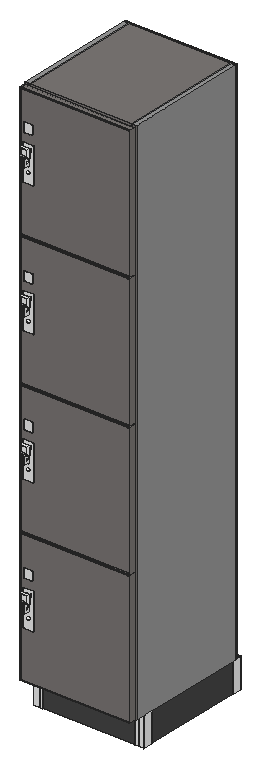
Revit family "Wood_Lockers_Hasps-Salsbury_Industries-15_44000_Series-1_Wide_Units.rfa", category Specialty Equipment, Revit 2016
Family settings
  Part Type = Normal
  Round Connector Dimension = Use Diameter
  OmniClass Number = 23.40.00.00
  OmniClass Title = Equipment and Furnishings
  Work Plane-Based = No
  Always vertical = Yes
  Cut with Voids When Loaded = No
  Shared = No
  Room Calculation Point = No
Parameters (values of type "15-44168")
  Width = 15.000"
  Version = "1.0 (01/31/24)"
  Unit Height including Sloping Hood Only [instance] = 78.868"
  Unit Height including Base Only [instance] = 76.000"
  URL = "www.lockers.com"
  Type Comments = "Premier Wood Lockers - Four Tier - with Hasps"
  Total Doors Height [instance] = if(Unit Height = 72.000", 71.750", if(Unit Height = 60.000", 59.750", 0.000"))  # 71.750"
  Sloping Top Corner Filler - Right Side [instance] = Wood Locker Sloping Corner Fillers : None
  Sloping Top Corner Filler - Left Side [instance] = Wood Locker Sloping Corner Fillers : None
  Sloping In-Line Filler - Right Side [instance] = Wood Locker Sloping In-Line Fillers : None
  Sloping In-Line Filler - Left Side [instance] = Wood Locker Sloping In-Line Fillers : None
  Sloping Hood Height = if(Depth = 15.000", 5.743", if(Depth = 18.000", 6.868", if(Depth = 21.000", 7.993", if(Depth = 24.000", 9.118", 0.000"))))  # 6.868"
  Sloping Hood [instance] = Wood Locker Sloping Hoods : None
  Side Panel without Slope - Right Side [instance] = Wood Locker Side Panels-No Slope : None
  Side Panel without Slope - Left Side [instance] = Wood Locker Side Panels-No Slope : None
  Side Panel with Slope - Right Side [instance] = Wood Locker Side Panels-With Slope : None
  Side Panel with Slope - Left Side [instance] = Wood Locker Side Panels-With Slope : None
  Secondary Structure Materials = Particle Board Industrial Grade - Salsbury Finish - Black Melamine Overlay
  Primary Structure Materials = Particle Board Industrial Grade - Salsbury Finish - Plain
  Overall Unit Height including Base and Sloping Hood [instance] = 82.868"
  OmniClass 23 Title = "Equipment and Furnishings"
  OmniClass 23 Number = "23.40.00.00"
  Model = "15-44168"
  MasterFormat Title = "Lockers"
  MasterFormat Code = "10 51 23"
  Manufacturer = "Salsbury Industries"
  Laminate Surface [instance] = Industrial Grade Particleboard with Wood Laminate - Salsbury Finish - Skyline Walnut
  Interior Material = Textured Melamine - Salsbury Finish - White
  Individual Door Width [instance] = 14.875"
  Unit Height = 72.000"
  Individual Door Height = if(Unit Height = 72.000", 17.796", if(Unit Height = 60.000", 14.796", 0.000"))  # 17.796"
  Hardware = Aluminum - Salsbury Finish - Black Satin
  Front Vertical Filler - Right Side [instance] = Wood Locker Front Fillers : None
  Front Vertical Filler - Left Side [instance] = Wood Locker Front Fillers : None
  Front Corner Filler - Right Side [instance] = Wood Locker Front Corner Filler : None
  Front Corner Filler - Left Side [instance] = Wood Locker Front Corner Filler : None
  Flat Top In-Line Filler - Right Side [instance] = Wood Locker Flat In-Line Fillers : None
  Flat Top In-Line Filler - Left Side [instance] = Wood Locker Flat In-Line Fillers : None
  Flat Top Corner Filler - Right Side [instance] = Wood Locker Flat Corner Fillers : None
  Flat Top Corner Filler - Left Side [instance] = Wood Locker Flat Corner Fillers : None
  Fascia Filler [instance] = Wood Locker Fascia Fillers : None
  Double Side Panel without Slope - Right Side [instance] = Wood Locker Double Side Panels-No Slope : None
  Double Side Panel without Slope - Left Side [instance] = Wood Locker Double Side Panels-No Slope : None
  Double Side Panel with Slope - Right Side [instance] = Wood Locker Double Side Panels-With Slope : None
  Double Side Panel with Slope - Left Side [instance] = Wood Locker Double Side Panels-With Slope : None
  Door Location D1 = Premier Locker Doors_Hasp : Four Tier Door for Six Foot High Locker
  Description = "1 Wide - 6 Feet High - 18 inches Deep - with Base"
  Depth = 18.000"
  Compartment Width [instance] = 13.750"
  Compartment Height [instance] = if(Unit Height = 72.000", 17.063", if(Unit Height = 60.000", 14.063", 0.000"))  # 17.063"
  Compartment Depth [instance] = 16.750"
  Base Material = Particle Board Industrial Grade - Salsbury Finish - Black Melamine Overlay
  Base Height = 4.000"
  Base Depth [instance] = 16.250"
  Base = Wood Locker Bases : Base - 15" W x 18" D Lockers
  Assembly Code = "C1030310"
Reference planes (in)
  plane 1 "Center (Front/Back)": y = 0
  plane 2: z = 0
  plane 3 "Center (Left/Right)": x = 0
  plane 4 "Right Side of Unit": x = 7.5
  plane 5 "Left Side of Unit": x = -7.5
  plane 6 "Back of Unit": y = 9
  plane 7 "Front of Unit": y = -9
  plane 8 "Bottom of Base": z = 0
  plane 9 "Top Edge of Unit": z = 76
  plane 10 "Top of Base Edge": z = 4
  plane 11: z = 82.868
  plane 12 "Right Compartment Edge": x = 6.906
  plane 13 "Left Compartment Edge": x = -6.906
  plane 14 "Front Melamine Edge": y = -8
  plane 15 "Back Compartment Edge": y = 8.781
  plane 16 "Front Compartment Edge": y = -7.969
  plane 17 "Front Edge of Base": y = -6.625
  plane 18 "Bottom Edge of Door": z = 4.125
  plane 19 "Top Edge of Door": z = 75.875
  plane 20 "Bottom Compartment Edge": z = 4.75
  plane 21 "Top Compartment Edge": z = 75.25
  plane 22 "Center Top and Bottom": z = 40
  plane 23 "Left Melamine Edge": x = -6.875
  plane 24 "Right Melamine Edge": x = 6.875
  plane 25 "Back Melamine Edge": y = 8.75
  plane 26 "Left Edge of Door": x = -7.375
  plane 27: y = 9.625
  plane 28: y = -7.25
  plane 29 "Base / Ventillation Alignment": y = 9.625
  plane 30 "Compartment Shelf 3": z = 22.563
  plane 31: z = 21.813
  plane 32: z = 21.921
  plane 33: z = 22.109
  plane 34: z = 39.626
  plane 35 "Compartment Shelf 2": z = 40.376
  plane 36: z = 39.905
  plane 37: z = 40.093
  plane 38: z = 57.439
  plane 39 "Compartment Shelf 1": z = 58.189
  plane 40: z = 57.889
  plane 41: z = 58.077
Forms (in)
  Extrusion 1, solid, material "Particle Board Industrial Grade - Salsbury Finish - Plain" <- "Primary Structure Materials"
    sketch origin (7.5, 0, 0) x (0, -1, 0) y (0, 0, 1)
      loop
        line (7.969, 76) -> (-8.75, 76) -> (-8.75, 4) -> (7.969, 4) -> (7.969, 76)
    from 0 to 0.594
  Extrusion 2, solid, material "Particle Board Industrial Grade - Salsbury Finish - Plain" <- "Primary Structure Materials"
    sketch origin (-7.5, 0, 0) x (0, -1, 0) y (0, 0, 1)
      loop
        line (-8.75, 76) -> (-8.75, 4) -> (7.969, 4) -> (7.969, 76) -> (-8.75, 76)
    from 0 to -0.594
  Extrusion 3, solid, material "Textured Melamine - Salsbury Finish - White" <- "Interior Material"
    sketch origin (0, 0, 4) x (0, -1, 0) y (1, 0, 0)
      loop
        line (-8.75, -6.875) -> (7.969, -6.875) -> (7.969, 6.875) -> (-8.75, 6.875) -> (-8.75, -6.875)
    from 0 to 0.75
  Extrusion 4, solid, material "Industrial Grade Particleboard with Wood Laminate - Salsbury Finish - Skyline Walnut" <- "Laminate Surface"
    sketch origin (0.375, 0.375, 76) x (1, 0, 0) y (0, 1, 0)
      loop
        line (-7.25, -8.375) -> (6.5, -8.375) -> (6.5, 8.375) -> (-7.25, 8.375) -> (-7.25, -8.375)
    from 0 to -0.75
  Extrusion 5, solid, material "Particle Board Industrial Grade - Salsbury Finish - Plain" <- "Primary Structure Materials"
    sketch origin (0, 9, 0) x (1, 0, 0) y (0, 0, 1)
      loop
        line (-7.5, 76) -> (-7.5, 4) -> (7.5, 4) -> (7.5, 76) -> (-7.5, 76)
    from 0 to 0.219
  Extrusion 6, solid, material "Industrial Grade Particleboard with Wood Laminate - Salsbury Finish - Skyline Walnut" <- "Laminate Surface"
    sketch origin (0, -7.969, 0) x (1, 0, 0) y (0, 0, 1)
      loop
        line (-7.5, 76) -> (-7.5, 4) -> (-6.875, 4) -> (-6.875, 76) -> (-7.5, 76)
    from 0 to 0.031
  Extrusion 7, solid, material "Industrial Grade Particleboard with Wood Laminate - Salsbury Finish - Skyline Walnut" <- "Laminate Surface"
    sketch origin (0, -7.969, 0) x (-1, 0, 0) y (0, 0, -1)
      loop
        line (-7.5, -76) -> (-6.875, -76) -> (-6.875, -4) -> (-7.5, -4) -> (-7.5, -76)
    from 0 to 0.031
  Extrusion 8, solid, material "Textured Melamine - Salsbury Finish - White" <- "Interior Material"
    sketch origin (0, 8.75, 0) x (1, 0, 0) y (0, 0, 1)
      loop
        line (-7.5, 76) -> (-7.5, 4) -> (7.5, 4) -> (7.5, 76) -> (-7.5, 76)
    from -0.031 to 0
  Extrusion 9, solid, material "Textured Melamine - Salsbury Finish - White" <- "Interior Material"
    sketch origin (-6.906, 0, 0) x (0, -1, 0) y (0, 0, 1)
      loop
        line (-8.75, 76) -> (-8.75, 4) -> (7.969, 4) -> (7.969, 76) -> (-8.75, 76)
    from 0 to -0.031
  Extrusion 10, solid, material "Textured Melamine - Salsbury Finish - White" <- "Interior Material"
    sketch origin (6.906, 0, 0) x (0, -1, 0) y (0, 0, 1)
      loop
        line (7.969, 76) -> (-8.75, 76) -> (-8.75, 4) -> (7.969, 4) -> (7.969, 76)
    from 0 to 0.031
  Extrusion 11, solid, material "Textured Melamine - Salsbury Finish - White" <- "Interior Material", detail levels fine
    sketch origin (0, 0, 22.563) x (0, -1, 0) y (1, 0, 0)
      loop
        line (-8.75, -6.875) -> (7.969, -6.875) -> (7.969, 6.875) -> (-8.75, 6.875) -> (-8.75, -6.875)
    from 0 to -0.75
  Extrusion 12, solid, material "Textured Melamine - Salsbury Finish - White" <- "Interior Material", detail levels fine
    sketch origin (0, 0, 40.376) x (0, -1, 0) y (1, 0, 0)
      loop
        line (-8.75, -6.875) -> (7.969, -6.875) -> (7.969, 6.875) -> (-8.75, 6.875) -> (-8.75, -6.875)
    from 0 to -0.75
  Extrusion 13, solid, material "Textured Melamine - Salsbury Finish - White" <- "Interior Material", detail levels fine
    sketch origin (0, 0, 58.189) x (0, -1, 0) y (1, 0, 0)
      loop
        line (-8.75, -6.875) -> (7.969, -6.875) -> (7.969, 6.875) -> (-8.75, 6.875) -> (-8.75, -6.875)
    from 0 to -0.75
  Extrusion 14, solid, material "Industrial Grade Particleboard with Wood Laminate - Salsbury Finish - Skyline Walnut" <- "Laminate Surface"
    sketch origin (0, -8, 0) x (1, 0, 0) y (0, 0, 1)
      loop
        line (-6.875, 58.189) -> (-6.875, 57.439) -> (6.875, 57.439) -> (6.875, 58.189) -> (-6.875, 58.189)
    from 0 to -0.031
  Extrusion 15, solid, material "Industrial Grade Particleboard with Wood Laminate - Salsbury Finish - Skyline Walnut" <- "Laminate Surface"
    sketch origin (0, -8, 0) x (1, 0, 0) y (0, 0, 1)
      loop
        line (-6.875, 40.376) -> (-6.875, 39.626) -> (6.875, 39.626) -> (6.875, 40.376) -> (-6.875, 40.376)
    from 0 to -0.031
  Extrusion 16, solid, material "Industrial Grade Particleboard with Wood Laminate - Salsbury Finish - Skyline Walnut" <- "Laminate Surface"
    sketch origin (0, -8, 0) x (1, 0, 0) y (0, 0, 1)
      loop
        line (-6.875, 22.563) -> (-6.875, 21.813) -> (6.875, 21.813) -> (6.875, 22.563) -> (-6.875, 22.563)
    from 0 to -0.031
  Extrusion 17, solid, material "Industrial Grade Particleboard with Wood Laminate - Salsbury Finish - Skyline Walnut" <- "Laminate Surface"
    sketch origin (0, -8, 0) x (1, 0, 0) y (0, 0, 1)
      loop
        line (-6.875, 4.75) -> (-6.875, 4) -> (6.875, 4) -> (6.875, 4.75) -> (-6.875, 4.75)
    from 0 to -0.031
Lines and regions (in)
  symbolic lines
    curve 1: line (-7.5, 8.75, 76) -> (7.50006, 8.75, 76)
    curve 2: line (-7.5, 8.75, 0) -> (-7.5, 8.75, 76)
    curve 3: line (7.50006, 8.75, 76) -> (7.50006, 8.75, 0)
    curve 4: line (6.906, -8, 76) -> (6.906, 9.625, 76)
    curve 5: line (6.906, -8, 0) -> (6.906, -8, 76)
    curve 6: line (6.906, 9.625, 76) -> (6.906, 9.625, 0)
    curve 7: line (7.50006, 8.75, 0) -> (-7.5, 8.75, 0)
    curve 8: line (6.906, -6.625, 0) -> (6.906, 9.625, 0)
    curve 9: line (6.906, 9.625, 0) -> (6.906, -6.625, 0)
    curve 10: line (6.906, -8, 0) -> (6.906, 9.625, 0)
    curve 11: line (-7.5, 9.625, 0) -> (7.5, 9.625, 0)
    curve 12: line (-7.5, -8, 0) -> (-7.5, 9.625, 0)
    curve 13: line (7.5, -8, 0) -> (-7.5, -8, 0)
    curve 14: line (7.5, 9.625, 0) -> (7.5, -8, 0)
Dimensions and locks (in)
  equal spacing: plane 5 "Left Side of Unit", plane 3 "Center (Left/Right)", plane 4 "Right Side of Unit"
  "Width": plane 5 "Left Side of Unit" to plane 4 "Right Side of Unit"
  equal spacing: plane 7 "Front of Unit", plane 1 "Center (Front/Back)", plane 6 "Back of Unit"
  "Depth": plane 7 "Front of Unit" to plane 6 "Back of Unit"
  "Base Height": plane 10 "Top of Base Edge" to plane 8 "Bottom of Base"
  "Unit Height": plane 9 "Top Edge of Unit" to plane 10 "Top of Base Edge"
  "Sloping Hood Height": plane 11 to plane 9 "Top Edge of Unit"
  locked: plane 12 "Right Compartment Edge" to plane 4 "Right Side of Unit" at 0.594
  locked: plane 5 "Left Side of Unit" to plane 13 "Left Compartment Edge" at 0.594
  locked: plane 7 "Front of Unit" to plane 14 "Front Melamine Edge" at 1
  locked: plane 15 "Back Compartment Edge" to plane 6 "Back of Unit" at 0.219
  locked: plane 14 "Front Melamine Edge" to plane 16 "Front Compartment Edge" at 0.031
  plane 18 "Bottom Edge of Door" to plane 10 "Top of Base Edge" = 0.125"
  plane 9 "Top Edge of Unit" to plane 19 "Top Edge of Door" = 0.125"
  plane 20 "Bottom Compartment Edge" to plane 10 "Top of Base Edge" = 0.750"
  plane 9 "Top Edge of Unit" to plane 21 "Top Compartment Edge" = 0.750"
  equal spacing: plane 9 "Top Edge of Unit", plane 22 "Center Top and Bottom", plane 10 "Top of Base Edge"
  locked: plane 24 "Right Melamine Edge" to plane 12 "Right Compartment Edge" at 0.031
  locked: plane 13 "Left Compartment Edge" to plane 23 "Left Melamine Edge" at 0.031
  locked: plane 25 "Back Melamine Edge" to plane 15 "Back Compartment Edge" at 0.031
  locked: plane 5 "Left Side of Unit" to plane 26 "Left Edge of Door" at 0.125
  "Individual Door Width": plane 26 "Left Edge of Door" to plane 4 "Right Side of Unit"
  "Total Doors Height": plane 19 "Top Edge of Door" to plane 18 "Bottom Edge of Door"
  "Unit Height including Base Only": plane 9 "Top Edge of Unit" to plane 8 "Bottom of Base"
  "Unit Height including Sloping Hood Only": plane 11 to plane 10 "Top of Base Edge"
  "Overall Unit Height including Base and Sloping Hood": plane 11 to plane 8 "Bottom of Base"
  locked: plane 7 "Front of Unit" to plane 17 "Front Edge of Base" at 2.375
  locked: plane 6 "Back of Unit" to plane 27 at 0.625
  "Base Depth": plane 17 "Front Edge of Base" to plane 27
  "Compartment Width": plane 23 "Left Melamine Edge" to plane 24 "Right Melamine Edge"
  "Compartment Height": plane 31 to plane 20 "Bottom Compartment Edge"
  "Compartment Depth": plane 14 "Front Melamine Edge" to plane 25 "Back Melamine Edge"
  locked: plane 14 "Front Melamine Edge" to plane 28 at 0.75
  plane 14 "Front Melamine Edge" to plane 27 = 17.625"
  Extrusion 2 to Extrusion 9 = 16.719"
  plane 6 "Back of Unit" to plane 29 "Base / Ventillation Alignment" = 0.625"
  locked: plane 30 "Compartment Shelf 3" to plane 31 at 0.75
  locked: plane 33 to plane 32 at 0.188
  "Individual Door Height": plane 32 to plane 18 "Bottom Edge of Door"
  locked: plane 35 "Compartment Shelf 2" to plane 34 at 0.75
  locked: plane 37 to plane 36 at 0.188
  "Compartment Height": plane 34 to plane 30 "Compartment Shelf 3"
  "Individual Door Height": plane 36 to plane 33
  locked: plane 39 "Compartment Shelf 1" to plane 38 at 0.75
  locked: plane 41 to plane 40 at 0.188
  "Compartment Height": plane 38 to plane 35 "Compartment Shelf 2"
  "Individual Door Height": plane 40 to plane 37
  aligned and locked: level to plane 2
  aligned and locked: plane 15 "Back Compartment Edge" to Extrusion 5
  aligned and locked: plane 4 "Right Side of Unit" to nested 1
  aligned and locked: plane 18 "Bottom Edge of Door" to nested 1
  aligned and locked: plane 7 "Front of Unit" to nested 1
  aligned and locked: plane 9 "Top Edge of Unit" to nested 2
  aligned and locked: plane 14 "Front Melamine Edge" to nested 2
  aligned and locked: plane 5 "Left Side of Unit" to nested 3
  aligned and locked: plane 14 "Front Melamine Edge" to nested 3
  aligned and locked: plane 9 "Top Edge of Unit" to nested 3
  aligned and locked: plane 4 "Right Side of Unit" to nested 4
  aligned and locked: nested 4 to plane 9 "Top Edge of Unit"
  aligned and locked: nested 4 to plane 14 "Front Melamine Edge"
  aligned and locked: plane 9 "Top Edge of Unit" to nested 5
  aligned and locked: plane 28 to nested 5
  aligned and locked: nested 6 to plane 28
  aligned and locked: plane 5 "Left Side of Unit" to nested 6
  aligned and locked: plane 4 "Right Side of Unit" to nested 5
  aligned and locked: nested 6 to plane 9 "Top Edge of Unit"
  aligned and locked: nested 8 to plane 5 "Left Side of Unit"
  aligned and locked: nested 7 to plane 4 "Right Side of Unit"
  aligned and locked: plane 14 "Front Melamine Edge" to nested 7
  aligned and locked: nested 8 to plane 14 "Front Melamine Edge"
  aligned and locked: plane 10 "Top of Base Edge" to nested 7
  aligned and locked: nested 8 to plane 10 "Top of Base Edge"
  aligned and locked: plane 5 "Left Side of Unit" to nested 9
  aligned and locked: plane 4 "Right Side of Unit" to nested 10
  aligned and locked: nested 10 to plane 10 "Top of Base Edge"
  aligned and locked: plane 10 "Top of Base Edge" to nested 9
  aligned and locked: plane 16 "Front Compartment Edge" to nested 10
  aligned and locked: nested 9 to plane 14 "Front Melamine Edge"
  aligned and locked: plane 4 "Right Side of Unit" to nested 11
  aligned and locked: nested 11 to plane 10 "Top of Base Edge"
  aligned and locked: plane 14 "Front Melamine Edge" to nested 11
  aligned and locked: plane 14 "Front Melamine Edge" to nested 12
  aligned and locked: nested 12 to nested 4
  aligned and locked: plane 10 "Top of Base Edge" to nested 12
  aligned and locked: nested 13 to plane 5 "Left Side of Unit"
  aligned and locked: nested 13 to plane 14 "Front Melamine Edge"
  aligned and locked: nested 13 to plane 10 "Top of Base Edge"
  aligned and locked: plane 14 "Front Melamine Edge" to nested 14
  aligned and locked: nested 14 to plane 4 "Right Side of Unit"
  aligned and locked: nested 15 to plane 14 "Front Melamine Edge"
  aligned and locked: nested 15 to plane 5 "Left Side of Unit"
  aligned and locked: plane 10 "Top of Base Edge" to nested 14
  aligned and locked: nested 15 to plane 10 "Top of Base Edge"
  aligned and locked: plane 14 "Front Melamine Edge" to nested 16
  aligned and locked: plane 4 "Right Side of Unit" to nested 16
  aligned and locked: nested 17 to plane 14 "Front Melamine Edge"
  aligned and locked: plane 5 "Left Side of Unit" to nested 17
  aligned and locked: nested 16 to plane 8 "Bottom of Base"
  aligned and locked: nested 17 to plane 8 "Bottom of Base"
  aligned and locked: nested 18 to plane 5 "Left Side of Unit"
  aligned and locked: nested 19 to plane 4 "Right Side of Unit"
  aligned and locked: nested 19 to plane 14 "Front Melamine Edge"
  aligned and locked: plane 14 "Front Melamine Edge" to nested 18
  aligned and locked: plane 8 "Bottom of Base" to nested 19
  aligned and locked: nested 18 to plane 8 "Bottom of Base"
  aligned and locked: plane 17 "Front Edge of Base" to nested 20
  aligned and locked: plane 9 "Top Edge of Unit" to nested 21
  aligned and locked: plane 5 "Left Side of Unit" to nested 21
  aligned and locked: nested 22 to plane 9 "Top Edge of Unit"
  aligned and locked: plane 4 "Right Side of Unit" to nested 22
  aligned and locked: nested 22 to plane 14 "Front Melamine Edge"
  aligned and locked: nested 21 to plane 14 "Front Melamine Edge"
  aligned and locked: nested 24 to plane 9 "Top Edge of Unit"
  aligned and locked: plane 4 "Right Side of Unit" to nested 24
  aligned and locked: nested 23 to plane 9 "Top Edge of Unit"
  aligned and locked: plane 5 "Left Side of Unit" to nested 23
  aligned and locked: nested 24 to plane 28
  aligned and locked: nested 23 to plane 28
  aligned and locked: plane 14 "Front Melamine Edge" to nested 25
  aligned and locked: plane 9 "Top Edge of Unit" to nested 25
  aligned and locked: plane 8 "Bottom of Base" to nested 20
  aligned and locked: plane 3 "Center (Left/Right)" to nested 20
  aligned and locked: plane 25 "Back Melamine Edge" to Extrusion 3 sketch curve
  aligned and locked: Extrusion 3 sketch curve to plane 23 "Left Melamine Edge"
  aligned and locked: plane 24 "Right Melamine Edge" to Extrusion 3 sketch curve
  aligned and locked: Extrusion 4 to plane 9 "Top Edge of Unit"
  aligned and locked: plane 21 "Top Compartment Edge" to Extrusion 4
  aligned and locked: Extrusion 2 sketch curve to plane 9 "Top Edge of Unit"
  aligned and locked: plane 16 "Front Compartment Edge" to Extrusion 2 sketch curve
  aligned and locked: Extrusion 2 sketch curve to plane 25 "Back Melamine Edge"
  aligned and locked: plane 10 "Top of Base Edge" to Extrusion 2 sketch curve
  aligned and locked: Extrusion 2 to plane 13 "Left Compartment Edge"
  aligned and locked: plane 5 "Left Side of Unit" to Extrusion 2
  aligned and locked: plane 10 "Top of Base Edge" to Extrusion 9 sketch curve
  aligned and locked: Extrusion 9 sketch curve to plane 25 "Back Melamine Edge"
  aligned and locked: Extrusion 9 sketch curve to plane 9 "Top Edge of Unit"
  aligned and locked: Extrusion 1 sketch curve to plane 16 "Front Compartment Edge"
  aligned and locked: plane 9 "Top Edge of Unit" to Extrusion 1 sketch curve
  aligned and locked: Extrusion 1 sketch curve to plane 10 "Top of Base Edge"
  aligned and locked: plane 25 "Back Melamine Edge" to Extrusion 1 sketch curve
  aligned and locked: Extrusion 1 to plane 4 "Right Side of Unit"
  aligned and locked: plane 12 "Right Compartment Edge" to Extrusion 1
  aligned and locked: Extrusion 10 sketch curve to plane 10 "Top of Base Edge"
  aligned and locked: plane 25 "Back Melamine Edge" to Extrusion 10 sketch curve
  aligned and locked: Extrusion 10 sketch curve to plane 16 "Front Compartment Edge"
  aligned and locked: plane 9 "Top Edge of Unit" to Extrusion 10 sketch curve
  aligned and locked: Extrusion 10 to plane 12 "Right Compartment Edge"
  aligned and locked: plane 24 "Right Melamine Edge" to Extrusion 10
  aligned and locked: Extrusion 8 sketch curve to plane 10 "Top of Base Edge"
  aligned and locked: plane 4 "Right Side of Unit" to Extrusion 8 sketch curve
  aligned and locked: plane 9 "Top Edge of Unit" to Extrusion 8 sketch curve
  aligned and locked: Extrusion 8 sketch curve to plane 5 "Left Side of Unit"
  aligned and locked: Extrusion 8 to plane 15 "Back Compartment Edge"
  aligned and locked: plane 25 "Back Melamine Edge" to Extrusion 8
  aligned and locked: plane 9 "Top Edge of Unit" to Extrusion 5 sketch curve
  aligned and locked: Extrusion 5 sketch curve to plane 5 "Left Side of Unit"
  aligned and locked: Extrusion 5 sketch curve to plane 10 "Top of Base Edge"
  aligned and locked: plane 4 "Right Side of Unit" to Extrusion 5 sketch curve
  aligned and locked: Extrusion 7 sketch curve to plane 9 "Top Edge of Unit"
  aligned and locked: Extrusion 7 sketch curve to plane 4 "Right Side of Unit"
  aligned and locked: plane 24 "Right Melamine Edge" to Extrusion 7 sketch curve
  aligned and locked: plane 10 "Top of Base Edge" to Extrusion 7 sketch curve
  aligned and locked: Extrusion 7 to plane 16 "Front Compartment Edge"
  aligned and locked: plane 14 "Front Melamine Edge" to Extrusion 7
  aligned and locked: Extrusion 6 sketch curve to plane 10 "Top of Base Edge"
  aligned and locked: plane 23 "Left Melamine Edge" to Extrusion 6 sketch curve
  aligned and locked: Extrusion 6 sketch curve to plane 5 "Left Side of Unit"
  aligned and locked: plane 9 "Top Edge of Unit" to Extrusion 6 sketch curve
  aligned and locked: Extrusion 6 to plane 16 "Front Compartment Edge"
  aligned and locked: plane 14 "Front Melamine Edge" to Extrusion 6
  aligned and locked: plane 16 "Front Compartment Edge" to Extrusion 9
  aligned and locked: plane 13 "Left Compartment Edge" to Extrusion 9
  aligned and locked: nested 3 to curve 1
  aligned and locked: curve 2 to nested 17
  aligned and locked: curve 4 to nested 2
  aligned and locked: nested 16 to curve 5
  aligned and locked: curve 9 to nested 20
  aligned and locked: curve 10 to nested 16
  aligned and locked: curve 13 to plane 14 "Front Melamine Edge"
  aligned and locked: curve 12 to plane 5 "Left Side of Unit"
  aligned and locked: plane 29 "Base / Ventillation Alignment" to curve 11
  aligned and locked: plane 3 "Center (Left/Right)" to nested 2
  aligned and locked: plane 3 "Center (Left/Right)" to nested 25
  aligned and locked: plane 29 "Base / Ventillation Alignment" to curve 6
  aligned and locked: plane 25 "Back Melamine Edge" to Extrusion 11 sketch curve
  aligned and locked: Extrusion 11 sketch curve to plane 23 "Left Melamine Edge"
  aligned and locked: plane 24 "Right Melamine Edge" to Extrusion 11 sketch curve
  aligned and locked: plane 25 "Back Melamine Edge" to Extrusion 12 sketch curve
  aligned and locked: plane 24 "Right Melamine Edge" to Extrusion 12 sketch curve
  aligned and locked: Extrusion 12 sketch curve to plane 23 "Left Melamine Edge"
  aligned and locked: plane 33 to nested 26
  aligned and locked: plane 4 "Right Side of Unit" to nested 26
  aligned and locked: plane 4 "Right Side of Unit" to nested 27
  aligned and locked: plane 37 to nested 27
  aligned and locked: plane 7 "Front of Unit" to nested 27
  aligned and locked: plane 7 "Front of Unit" to nested 26
  aligned and locked: plane 25 "Back Melamine Edge" to Extrusion 13 sketch curve
  aligned and locked: plane 24 "Right Melamine Edge" to Extrusion 13 sketch curve
  aligned and locked: Extrusion 13 sketch curve to plane 23 "Left Melamine Edge"
  aligned and locked: plane 41 to nested 28
  aligned and locked: plane 4 "Right Side of Unit" to nested 28
  aligned and locked: plane 7 "Front of Unit" to nested 28
  aligned and locked: plane 14 "Front Melamine Edge" to Extrusion 4
  aligned and locked: plane 16 "Front Compartment Edge" to Extrusion 13
  aligned and locked: plane 16 "Front Compartment Edge" to Extrusion 12
  aligned and locked: plane 16 "Front Compartment Edge" to Extrusion 11
  aligned and locked: plane 16 "Front Compartment Edge" to Extrusion 3
  aligned and locked: Extrusion 14 sketch curve to Extrusion 13  (x4)
  aligned and locked: plane 14 "Front Melamine Edge" to Extrusion 14
  aligned and locked: Extrusion 14 to plane 16 "Front Compartment Edge"
  aligned and locked: Extrusion 15 sketch curve to Extrusion 12  (x4)
  aligned and locked: plane 14 "Front Melamine Edge" to Extrusion 15
  aligned and locked: Extrusion 15 to plane 16 "Front Compartment Edge"
  aligned and locked: Extrusion 16 sketch curve to Extrusion 11  (x4)
  aligned and locked: plane 14 "Front Melamine Edge" to Extrusion 16
  aligned and locked: Extrusion 16 to plane 16 "Front Compartment Edge"
  aligned and locked: Extrusion 17 sketch curve to Extrusion 3  (x3)
  aligned and locked: Extrusion 7 to Extrusion 17 sketch curve
  aligned and locked: plane 14 "Front Melamine Edge" to Extrusion 17
  aligned and locked: Extrusion 17 to plane 16 "Front Compartment Edge"
Automatic sketch dimensions
  Extrusion 9 sketch curve to plane 16 "Front Compartment Edge" = 0.000"
  curve 3 to level = 0.000"
  curve 3 to plane 4 "Right Side of Unit" = 0.00006"
  curve 8 to plane 17 "Front Edge of Base" = 0.000"
  curve 9 to plane 17 "Front Edge of Base" = 0.000"
  curve 13 to plane 4 "Right Side of Unit" = 0.000"
  Extrusion 4 sketch curve to plane 5 "Left Side of Unit" = 0.625"
  plane 17 "Front Edge of Base" to Extrusion 4 sketch curve = 1.375"
  plane 4 "Right Side of Unit" to Extrusion 4 sketch curve = 0.625"
  plane 25 "Back Melamine Edge" to Extrusion 4 sketch curve = 0.000"
  Extrusion 13 sketch curve to plane 14 "Front Melamine Edge" = 0.031"
  Extrusion 12 sketch curve to plane 14 "Front Melamine Edge" = 0.031"
  Extrusion 11 sketch curve to plane 14 "Front Melamine Edge" = 0.031"
  Extrusion 3 sketch curve to plane 14 "Front Melamine Edge" = 0.031"
Nested families (in)
  nested 1: "Premier Locker Doors_Hasp" at (0.0625, -8.625, 4.125), type <- "Door Location D1", type "Four Tier Door for Six Foot High Locker"
  nested 2: "Wood Locker Sloping Hoods" at (0, -0.6875, 76), type <- "Sloping Hood", type "None"
  nested 3: "Wood Locker Sloping Corner Fillers" at (-16.75, -1, 76), type <- "Sloping Top Corner Filler - Left Side", type "None"
  nested 4: "Wood Locker Sloping Corner Fillers" at (16.75, -1, 76) x (-1, 0, 0) z (0, 0, 1), type <- "Sloping Top Corner Filler - Right Side", type "None"
  nested 5: "Wood Locker Flat Corner Fillers" at (15, -3.625, 75.25), type <- "Flat Top Corner Filler - Right Side", type "None"
  nested 6: "Wood Locker Flat Corner Fillers" at (-15, -3.625, 75.25) x (-1, 0, 0) z (0, 0, 1), type <- "Flat Top Corner Filler - Left Side", type "None"
  nested 7: "Wood Locker Side Panels-No Slope" at (7.875, -1, 4) x (0, 1, 0) z (0, 0, 1), type <- "Side Panel without Slope - Right Side", type "None"
  nested 8: "Wood Locker Side Panels-No Slope" at (-7.875, -1, 4) x (0, 1, 0) z (0, 0, 1), type <- "Side Panel without Slope - Left Side", type "None"
  nested 9: "Wood Locker Side Panels-With Slope" at (-7.875, -0.6875, 4) x (0, -1, 0) z (0, 0, 1), type <- "Side Panel with Slope - Left Side", type "None"
  nested 10: "Wood Locker Side Panels-With Slope" at (7.875, -0.6565, 4) x (0, -1, 0) z (0, 0, 1), type <- "Side Panel with Slope - Right Side", type "None"
  nested 11: "Wood Locker Side Panels-With Slope" at (7.875, -0.6875, 4) x (0, -1, 0) z (0, 0, 1), type <- "Side Panel with Slope - Right Side", type "None"
  nested 12: "Wood Locker Double Side Panels-No Slope" at (7.875, -1, 4) x (0, 1, 0) z (0, 0, 1), type <- "Double Side Panel without Slope - Right Side", type "None"
  nested 13: "Wood Locker Double Side Panels-No Slope" at (-7.875, -1, 4) x (0, 1, 0) z (0, 0, 1), type <- "Double Side Panel without Slope - Left Side", type "None"
  nested 14: "Wood Locker Double Side Panels-With Slope" at (7.875, -1, 4) x (0, 1, 0) z (0, 0, 1), type <- "Double Side Panel with Slope - Right Side", type "None"
  nested 15: "Wood Locker Double Side Panels-With Slope" at (-7.875, -1, 4) x (0, 1, 0) z (0, 0, 1), type <- "Double Side Panel with Slope - Left Side", type "None"
  nested 16: "Wood Locker Front Fillers" at (15, -7.625, 0), type <- "Front Vertical Filler - Right Side", type "None"
  nested 17: "Wood Locker Front Fillers" at (-15, -7.625, 0) x (-1, 0, 0) z (0, 0, 1), type <- "Front Vertical Filler - Left Side", type "None"
  nested 18: "Wood Locker Front Corner Filler" at (-8.625, -7.625, 0), type <- "Front Corner Filler - Left Side", type "None"
  nested 19: "Wood Locker Front Corner Filler" at (8.625, -7.625, 0) x (-1, 0, 0) z (0, 0, 1), type <- "Front Corner Filler - Right Side", type "None"
  nested 20: "Wood Locker Bases" at (0, 1.5, 0), type <- "Base", type "Base - 15" W x 18" D Lockers"
  nested 21: "Wood Locker Sloping In-Line Fillers" at (-13.5, -1, 76), type <- "Sloping In-Line Filler - Left Side", type "None"
  nested 22: "Wood Locker Sloping In-Line Fillers" at (13.5, -1, 76) x (-1, 0, 0) z (0, 0, 1), type <- "Sloping In-Line Filler - Right Side", type "None"
  nested 23: "Wood Locker Flat In-Line Fillers" at (-15, -0.625, 75.25), type <- "Flat Top In-Line Filler - Left Side", type "None"
  nested 24: "Wood Locker Flat In-Line Fillers" at (15, -0.625, 75.25) x (-1, 0, 0) z (0, 0, 1), type <- "Flat Top In-Line Filler - Right Side", type "None"
  nested 25: "Wood Locker Fascia Fillers" at (0, -7.625, 76), type <- "Fascia Filler", type "None"
  nested 26: "Premier Locker Doors_Hasp" at (0.0625, -8.625, 22.109), type <- "Door Location D1", type "Four Tier Door for Six Foot High Locker"
  nested 27: "Premier Locker Doors_Hasp" at (0.0625, -8.625, 40.093), type <- "Door Location D1", type "Four Tier Door for Six Foot High Locker"
  nested 28: "Premier Locker Doors_Hasp" at (0.0625, -8.625, 58.077), type <- "Door Location D1", type "Four Tier Door for Six Foot High Locker"
Definition of nested family "Premier Locker Doors_Hasp"
  Parameters (values of type "Single Tier Door for Six Foot High Locker")
    Width = 14.875"
    Visible Number Plates = yes
    Visible Center Hinge = yes
    Primary Structure Materials = none
    Number Tag-Vertical Offset = 31.625"
    Number Tag-Horizontal Offset = 13.750"
    Number Tag Width = 1.250"
    Number Tag Height = 1.250"
    Model = "Premier Locker Doors"
    Manufacturer = "Salsbury Industries"
    Lock Width = 1.500"
    Lock Height = 4.875"
    Laminate Surface = none
    Height = 71.750"
    Lock Vertical Offset = 35.875"
    Lock Horizontal Offset = 0.375"
    Door Trim = none
    Door Hasps = none
    Depth = 0.750"
    Default Elevation = 48.000"
  Types (7): name | Visible Center Hinge | Number Tag-Vertical Offset | Height | Lock Vertical Offset
    Single Tier Door for Six Foot High Locker | yes | 31.625" | 71.750" | 35.875"
    Double Tier Door-1 for Six Foot High Locker | no | 27.641" | 35.781" | 31.891"
    Double Tier Door-2 for Six Foot High Locker | yes | 2.078" | 35.781" | 6.328"
    Triple Tier Door-1 for Six Foot High Locker | no | 15.651" | 23.791" | 19.901"
    Triple Tier Door-2 for Six Foot High Locker | no | 7.646" | 23.791" | 11.896"
    Triple Tier Door-3 for Six Foot High Locker | no | 2.078" | 23.791" | 6.328"
    Four Tier Door for Six Foot High Locker | no | 4.647" | 17.796" | 8.897"
  Reference planes (in)
    plane 1 "Center (Front/Back)": y = 0
    plane 2: z = 0
    plane 3 "Center (Left/Right)": x = 0
    plane 4 "Left Side of Door": x = -7.4375
    plane 5 "Right Side of Door": x = 7.4375
    plane 6 "Back of Door": y = 0.375
    plane 7 "Front of Door": y = -0.375
    plane 8 "Bottom of Door": z = 0
    plane 9 "Top of Door": z = 71.75
    plane 10 "Center of Door": z = 35.875
    plane 11 "Top of Number Tag": z = 40.75
    plane 12 "Bottom of Number Tag": z = 39.5
    plane 13 "Left Side of Number Tag": x = -6.9375
    plane 14 "Right Side of Number Tag": x = -5.6875
    plane 15 "Horizontal Center of Number Tag": x = -6.3125
    plane 16 "Center of Number Tag": z = 40.125
    plane 17 "Left Side of Lock": x = -7.0625
    plane 18 "Right Side of Lock": x = -5.5625
    plane 19 "Lock Vertical Center": z = 35.875
    plane 20 "Top of Lock": z = 38.3125
    plane 21 "Bottom of Lock": z = 33.4375
    plane 22 "Front of Hasp Stud": y = -0.5
    plane 23 "Left Side of Door-Right Side of Trim": x = -7.3125
    plane 24 "Right Side of Door-Left Side of Trim": x = 7.3125
    plane 25 "Top of Door-Bottom of Trim": z = 71.625
    plane 26 "Bottom of Door-Top of Trim": z = 0.125
    plane 27 "Laminate-Particleboard Line": y = -0.344
    plane 28 "Melamine-Particleboard Line": y = 0.344
    plane 29 "Back of Number Plate Inset": y = -0.313
    plane 30 "Center of Lock": x = -6.3125
    plane 31: y = -0.188
    plane 32 "Door Stopper Plane": y = 0.625
    plane 33: x = -6.9875
    plane 34: z = 71.3
    plane 35 "Top Hinge": z = 68.75
    plane 36: x = 6.8125
    plane 37 "Bottom Hinge": z = 3
    plane 38 "Inner Knob": y = -1.094
    plane 39 "Front of Knob": y = -1.125
    plane 40: z = 37.1875
    plane 41: z = 34.5625
    plane 42: z = 38.1875
    plane 43: x = -5.6875
    plane 44: x = -6.9375
    plane 45: z = 36.9375
    plane 46 "Top of Hole": z = 36.8125
    plane 47: x = -6.1245
    plane 48: x = -6.5005
    plane 49 "Bottom of Hole": z = 35.5625
    plane 50 "Stud Alignment": z = 34.8125
    plane 51 "Center of Handle": z = 37.5625
    plane 52: z = 37.7505
    plane 53: z = 37.3745
    plane 54: z = 37.96546
    plane 55: z = 37.15954
    plane 56 "Front of Latch": y = -1
    plane 57: z = 36.6844
    plane 58: z = 35.6844
    plane 59: z = 36.1844
    plane 60: x = 6.8435
    plane 61: z = 36.6245
    plane 62: z = 35.74816
  Forms (in)
    Extrusion 1, solid, detail levels fine
      sketch origin (0, 0, 0) x (1, 0, 0) y (0, 0, 1)
        loop
          line (-7.4065, 0.031) -> (7.4065, 0.031) -> (7.4065, 71.719) -> (-7.4065, 71.719) -> (-7.4065, 0.031)
      from -0.344 to 0.344
    Extrusion 2, solid, material <- "Laminate Surface", detail levels fine
      sketch origin (0, 0.375, 0) x (1, 0, 0) y (0, 0, 1)
        loop
          line (-7.4065, 0.031) -> (7.4065, 0.031) -> (7.4065, 71.719) -> (-7.4065, 71.719) -> (-7.4065, 0.031)
      from 0.031 to 0
    Extrusion 3, solid, material <- "Laminate Surface"
      sketch origin (0, -0.375, 0) x (1, 0, 0) y (0, 0, 1)
        loop
          line (-7.4065, 0.031) -> (7.4065, 0.031) -> (7.4065, 71.719) -> (-7.4065, 71.719) -> (-7.4065, 0.031)
      from 0 to -0.031
    Sweep 4, solid, material <- "Door Trim"
      path origin (0, 0, 0) x (1, 0, 0) y (0, 0, 1)
        loop
          line (7.3125, 71.625) -> (-7.3125, 71.625) -> (-7.3125, 0.125) -> (7.3125, 0.125) -> (7.3125, 71.625)
      profile origin (0, 0, 71.625) x (0, 0, -1) y (0, -1, 0)
        loop
          line (-0.125, 0.375) -> (-0.125, -0.375) -> (-0.094, -0.375) -> (-0.094, 0.375) -> (-0.125, 0.375)
    Extrusion 5, void
      sketch origin (-1.875, -0.313, 0) x (1, 0, 0) y (0, 0, 1)
        loop
          arc (-4.91334, 40.75) -> (-5.01881, 40.70631) -> (-5.0625, 40.60084) r 0.14916
          line (-5.0625, 40.60084) -> (-5.0625, 39.64916)
          arc (-5.0625, 39.64916) -> (-5.01881, 39.54369) -> (-4.91334, 39.5) r 0.14916
          line (-4.91334, 39.5) -> (-3.96166, 39.5)
          arc (-3.96166, 39.5) -> (-3.85619, 39.54369) -> (-3.8125, 39.64916) r 0.14916
          line (-3.8125, 39.64916) -> (-3.8125, 40.60084)
          arc (-3.8125, 40.60084) -> (-3.85619, 40.70631) -> (-3.96166, 40.75) r 0.14916
          line (-3.96166, 40.75) -> (-4.91334, 40.75)
      from 0 to 0.062
    Extrusion 6, solid, visible <- "Visible Number Plates", detail levels medium+fine
      sketch origin (-1.875, -0.375, 0) x (1, 0, 0) y (0, 0, 1)
        loop
          arc (-4.91334, 40.75) -> (-5.01881, 40.70631) -> (-5.0625, 40.60084) r 0.14916
          line (-5.0625, 40.60084) -> (-5.0625, 39.64916)
          arc (-5.0625, 39.64916) -> (-5.01881, 39.54369) -> (-4.91334, 39.5) r 0.14916
          line (-4.91334, 39.5) -> (-3.96166, 39.5)
          arc (-3.96166, 39.5) -> (-3.85619, 39.54369) -> (-3.8125, 39.64916) r 0.14916
          line (-3.8125, 39.64916) -> (-3.8125, 40.60084)
          arc (-3.8125, 40.60084) -> (-3.85619, 40.70631) -> (-3.96166, 40.75) r 0.14916
          line (-3.96166, 40.75) -> (-4.91334, 40.75)
      from -0.062 to 0
    Extrusion 7, solid, detail levels medium+fine
      sketch origin (0, 0.375, 0) x (1, 0, 0) y (0, 0, 1)
        loop
          circle (-6.9875, 71.3) r 0.25
      from 0 to -0.25
    Extrusion 8, solid, detail levels medium+fine
      sketch origin (0, 0.375, 0) x (1, 0, 0) y (0, 0, 1)
        loop
          line (6.8125, 68.5) -> (6.8125, 69) -> (6.3125, 69) -> (6.3125, 68.5) -> (6.8125, 68.5)
      from 0 to -0.25
    Extrusion 9, solid, detail levels medium+fine
      sketch origin (0, 0.375, -0.25) x (1, 0, 0) y (0, 0, 1)
        loop
          line (6.8125, 3) -> (6.8125, 3.5) -> (6.3125, 3.5) -> (6.3125, 3) -> (6.8125, 3)
      from 0 to -0.25
    Extrusion 10, solid, visible <- "Visible Center Hinge", detail levels medium+fine
      sketch origin (0, 0.375, -0.25) x (1, 0, 0) y (0, 0, 1)
        loop
          line (6.8125, 35.875) -> (6.8125, 36.375) -> (6.3125, 36.375) -> (6.3125, 35.875) -> (6.8125, 35.875)
      from 0 to -0.25
    Extrusion 11, void
      sketch origin (-1.875, -0.375, 0) x (1, 0, 0) y (0, 0, 1)
        loop
          arc (-5.0625, 38.3125) -> (-5.15089, 38.27589) -> (-5.1875, 38.1875) r 0.125
          line (-5.1875, 38.1875) -> (-5.1875, 33.5625)
          arc (-5.1875, 33.5625) -> (-5.15089, 33.47411) -> (-5.0625, 33.4375) r 0.125
          line (-5.0625, 33.4375) -> (-3.8125, 33.4375)
          arc (-3.8125, 33.4375) -> (-3.72411, 33.47411) -> (-3.6875, 33.5625) r 0.125
          line (-3.6875, 33.5625) -> (-3.6875, 38.1875)
          arc (-3.6875, 38.1875) -> (-3.72411, 38.27589) -> (-3.8125, 38.3125) r 0.125
          line (-3.8125, 38.3125) -> (-5.0625, 38.3125)
      from -0.062 to 0
    Extrusion 12, solid
      sketch origin (-1.875, -0.375, 0) x (1, 0, 0) y (0, 0, 1)
        loop
          line (-3.8125, 38.3125) -> (-5.0625, 38.3125)
          arc (-5.0625, 38.3125) -> (-5.15089, 38.27589) -> (-5.1875, 38.1875) r 0.125
          line (-5.1875, 38.1875) -> (-5.1875, 33.5625)
          arc (-5.1875, 33.5625) -> (-5.15089, 33.47411) -> (-5.0625, 33.4375) r 0.125
          line (-5.0625, 33.4375) -> (-3.8125, 33.4375)
          arc (-3.8125, 33.4375) -> (-3.72411, 33.47411) -> (-3.6875, 33.5625) r 0.125
          line (-3.6875, 33.5625) -> (-3.6875, 38.1875)
          arc (-3.6875, 38.1875) -> (-3.72411, 38.27589) -> (-3.8125, 38.3125) r 0.125
      from 0 to -0.062
    Extrusion 13, void
      sketch origin (-1.875, -0.375, 0) x (1, 0, 0) y (0, 0, 1)
        loop
          line (-4.6255, 36.6245) -> (-4.6255, 35.74816)
          arc (-4.6255, 35.74816) -> (-4.4375, 35.56016) -> (-4.2495, 35.74816) r 0.188
          line (-4.2495, 35.74816) -> (-4.2495, 36.6245)
          arc (-4.2495, 36.6245) -> (-4.4375, 36.8125) -> (-4.6255, 36.6245) r 0.188
      from 0 to -0.75
    Sweep 14, solid, detail levels medium+fine
      path origin (-1.875, -0.375, 0) x (1, 0, 0) y (0, 0, 1)
        loop
          circle (-4.4375, 34.8125) r 0.01
      profile origin (-6.3125, -0.375, 34.8225) x (0, 0, -1) y (0, -1, 0)
        loop
          line (0, 0) -> (0, 0.125)
          arc (0, 0.125) -> (-0.10032, 0.09036) -> (-0.156, 0) r 0.15776
          line (-0.156, 0) -> (0, 0)
    Extrusion 15, solid, detail levels medium+fine
      sketch origin (-1.875, -0.375, 0) x (1, 0, 0) y (0, 0, 1)
        loop
          circle (-4.4375, 34.8125) r 0.01
      from 0 to 0.125
    Sweep 16, solid
      path origin (-1.875, -0.375, 0) x (1, 0, 0) y (0, 0, 1)
        loop
          line (-5.0625, 38.1875) -> (-5.0625, 36.9375) -> (-3.8125, 36.9375) -> (-3.8125, 38.1875) -> (-5.0625, 38.1875)
      profile origin (-6.3125, -0.375, 38.1875) x (0, 0, 1) y (0, -1, 0)
        loop
          line (-0.38067, 0) -> (-0.38067, 0.24142)
          arc (-0.38067, 0.24142) -> (-0.34525, 0.34191) -> (-0.25465, 0.39797) r 0.16024
          arc (-0.25465, 0.39797) -> (-0.10494, 0.46941) -> (0, 0.59789) r 0.37946
          spline (0, 0.59789) -> (-0.00179, 0.61485) -> (-0.00715, 0.6316) -> (-0.01601, 0.64793) -> (-0.02825, 0.66364) -> (-0.04373, 0.67852) -> (-0.06225, 0.6924) -> (-0.08358, 0.7051) -> (-0.10745, 0.71647) -> (-0.13357, 0.72635) -> (-0.16161, 0.73463) -> (-0.19123, 0.74121) -> (-0.22204, 0.746)
          arc (-0.22204, 0.746) -> (-0.31051, 0.60028) -> (-0.42829, 0.47704) r 0.78682
          arc (-0.42829, 0.47704) -> (-0.50625, 0.37521) -> (-0.53396, 0.25) r 0.29673
          line (-0.53396, 0.25) -> (-0.53396, 0) -> (-0.38067, 0)
    Blend 17, solid
      base sketch origin (-1.875, -1.125, 0) x (0, 0, -1) y (-1, 0, 0)
        loop
          line (-37.96546, 4.84046) -> (-37.96546, 4.03454) -> (-37.15954, 4.03454) -> (-37.15954, 4.84046) -> (-37.96546, 4.84046)
      top sketch origin (-1.875, -1.125, 0) x (0, 0, -1) y (-1, 0, 0)
        loop
          line (-37.93279, 4.80777) -> (-37.93279, 4.06715) -> (-37.19211, 4.06715) -> (-37.19211, 4.80777) -> (-37.93279, 4.80777)
      from 0 to 0.031
    Extrusion 18, solid
      sketch origin (-6.3125, 0, 0) x (0, 0, -1) y (0, -1, 0)
        loop
          line (-35.6844, 1) -> (-36.6844, 1) -> (-36.6844, -0.375) -> (-35.6844, -0.375) -> (-35.6844, 1)
      from -0.063 to 0.063
    Extrusion 19, void
      sketch origin (-6.3125, 35.51803, 36.85077) x (0, 1, 0) y (0, 0, -1)
        loop
          circle (-36.1844, 0.66637) r 0.25
      from -0.063 to 0.063
  Cuts and joins
    Extrusion 5, Extrusion 13 cuts Extrusion 1
    Extrusion 5, Extrusion 11 cuts Extrusion 3
    Extrusion 13 cuts Extrusion 12
    Extrusion 13 cuts Extrusion 2
    Extrusion 19 cuts Extrusion 18
  Lines and regions (in)
    symbolic lines
      curve 1: line (-7.4375, 0.375, 0) -> (7.4375, 0.375, 0)
      curve 2: line (7.4375, 0.375, 0) -> (7.4375, 0.375, 71.75)
      curve 3: line (7.4375, 0.375, 71.75) -> (-7.4375, 0.375, 71.75)
      curve 4: line (-7.4375, 0.375, 71.75) -> (-7.4375, 0.375, 0)
      curve 5: line (-7.4375, 0.375, 71.625) -> (7.4375, 0.375, 71.625)
      curve 6: line (-7.4375, -0.375, 71.625) -> (-7.4375, 0.375, 71.625)
      curve 7: line (7.4375, -0.375, 71.625) -> (-7.4375, -0.375, 71.625)
      curve 8: line (7.4375, 0.375, 71.625) -> (7.4375, -0.375, 71.625)
      curve 9: line (6.8125, 0.375, 71.625) -> (6.8125, 0.625, 71.625)
      curve 10: line (6.8125, 0.625, 71.625) -> (6.3125, 0.625, 71.625)
      curve 11: line (6.3125, 0.625, 71.625) -> (6.3125, 0.375, 71.625)
      curve 12: line (-7.23713, 0.375, 71.625) -> (-7.23713, 0.625, 71.625)
      curve 13: line (-6.7375, 0.375, 71.625) -> (-6.7375, 0.625, 71.625)
      curve 14: line (-6.7375, 0.625, 71.625) -> (-7.23713, 0.625, 71.625)
      curve 15: line (-6.3125, -0.375, 71.75) -> (-6.3125, 0.375, 71.75)
      curve 16: line (-6.3125, -0.375, 0) -> (-6.3125, -0.375, 71.75)
      curve 17: line (-6.3125, 0.375, 0) -> (-6.3125, -0.375, 0)
      curve 18: line (-6.3125, 0.375, 71.75) -> (-6.3125, 0.375, 0)
      curve 19: line (-6.3125, 0.375, 69) -> (-6.3125, 0.625, 69)
      curve 20: line (-6.3125, 0.625, 69) -> (-6.3125, 0.625, 68.5)
      curve 21: line (-6.3125, 0.625, 68.5) -> (-6.3125, 0.375, 68.5)
      curve 22: line (-6.3125, 0.375, 3.25) -> (-6.3125, 0.625, 3.25)
      curve 23: line (-6.3125, 0.625, 3.25) -> (-6.3125, 0.625, 2.75)
      curve 24: line (-6.3125, 0.625, 2.75) -> (-6.3125, 0.375, 2.75)
      curve 25: line (-6.3125, 0.375, 36.125) -> (-6.3125, 0.625, 36.125)
      curve 26: line (-6.3125, 0.625, 36.125) -> (-6.3125, 0.625, 35.625)
      curve 27: line (-6.3125, 0.625, 35.625) -> (-6.3125, 0.375, 35.625)
      curve 28: line (-7.0625, -0.375, 71.625) -> (-5.5625, -0.375, 71.625)
      curve 29: line (-6.9375, -1.125, 38.3125) -> (-5.6875, -1.125, 38.3125)
      curve 30: arc (-5.5625, -1.125, 38.1875) -> (-5.59911, -1.125, 38.27589) -> (-5.6875, -1.125, 38.3125) r 0.125
      curve 31: arc (-6.9375, -1.125, 38.3125) -> (-7.02589, -1.125, 38.27589) -> (-7.0625, -1.125, 38.1875) r 0.125
      curve 32: line (-7.0625, -1.125, 33.5625) -> (-7.0625, -1.125, 38.1875)
      curve 33: line (-5.5625, -1.125, 38.1875) -> (-5.5625, -1.125, 33.5625)
      curve 34: arc (-5.6875, -1.125, 33.4375) -> (-5.59911, -1.125, 33.47411) -> (-5.5625, -1.125, 33.5625) r 0.125
      curve 35: arc (-7.0625, -1.125, 33.5625) -> (-7.02589, -1.125, 33.47411) -> (-6.9375, -1.125, 33.4375) r 0.125
      curve 36: line (-5.6875, -1.125, 33.4375) -> (-6.9375, -1.125, 33.4375)
      curve 37: arc (-6.1245, -1.125, 36.6245) -> (-6.3125, -1.125, 36.8125) -> (-6.5005, -1.125, 36.6245) r 0.188
      curve 38: arc (-6.5005, -1.125, 35.7505) -> (-6.3125, -1.125, 35.5625) -> (-6.1245, -1.125, 35.7505) r 0.188
      curve 39: line (-6.1245, -1.125, 36.6245) -> (-6.1245, -1.125, 35.7505)
      curve 40: line (-6.5005, -1.125, 35.7505) -> (-6.5005, -1.125, 36.6245)
      curve 41: line (-5.6875, -1.125, 36.9375) -> (-6.9375, -1.125, 36.9375)
      curve 42: line (-5.6875, -1.125, 38.1875) -> (-5.6875, -1.125, 36.9375)
      curve 43: line (-6.9375, -1.125, 36.9375) -> (-6.9375, -1.125, 38.1875)
      curve 44: line (-6.9375, -1.125, 38.1875) -> (-5.6875, -1.125, 38.1875)
      curve 45: line (-6.3755, -1.125, 36.6844) -> (-6.2495, -1.125, 36.6844)
      curve 46: line (-6.2495, -1.125, 36.6844) -> (-6.2495, -1.125, 35.6844)
      curve 47: line (-6.3755, -1.125, 35.6844) -> (-6.3755, -1.125, 36.6844)
      curve 48: line (-6.2495, -1.125, 35.6844) -> (-6.3755, -1.125, 35.6844)
      curve 49: line (-6.3125, -1, 36.6844) -> (-6.3125, -0.375, 36.6844)
      curve 50: line (-6.3125, -1, 35.6844) -> (-6.3125, -1, 36.6844)
      curve 51: line (-6.3125, -0.375, 35.6844) -> (-6.3125, -1, 35.6844)
      curve 52: arc (-6.3125, -0.91637, 36.1844) -> (-6.3125, -0.66637, 36.4344) -> (-6.3125, -0.41637, 36.1844) r 0.25
      curve 53: arc (-6.3125, -0.41637, 36.1844) -> (-6.3125, -0.66637, 35.9344) -> (-6.3125, -0.91637, 36.1844) r 0.25
      curve 54: line (-6.3125, -0.375, 37.31817) -> (-6.3125, -0.61642, 37.31817)
      curve 55: arc (-6.3125, -0.77297, 37.19215) -> (-6.3125, -0.71691, 37.28275) -> (-6.3125, -0.61642, 37.31817) r 0.16024
      curve 56: arc (-6.3125, -0.97289, 36.9375) -> (-6.3125, -0.84441, 37.04244) -> (-6.3125, -0.77297, 37.19215) r 0.37946
      curve 57: spline (-6.3125, -1.121, 37.15954) -> (-6.3125, -1.11621, 37.12873) -> (-6.3125, -1.10963, 37.09911) -> (-6.3125, -1.10135, 37.07107) -> (-6.3125, -1.09147, 37.04495) -> (-6.3125, -1.0801, 37.02108) -> (-6.3125, -1.0674, 36.99975) -> (-6.3125, -1.05352, 36.98123) -> (-6.3125, -1.03864, 36.96575) -> (-6.3125, -1.02293, 36.95351) -> (-6.3125, -1.0066, 36.94465) -> (-6.3125, -0.98985, 36.93929) -> (-6.3125, -0.97289, 36.9375)
      curve 58: line (-6.3125, -1.125, 37.15954) -> (-6.3125, -1.125, 37.96546)
      curve 59: spline (-6.3125, -1.121, 37.96546) -> (-6.3125, -1.11621, 37.99627) -> (-6.3125, -1.10963, 38.02589) -> (-6.3125, -1.10135, 38.05393) -> (-6.3125, -1.09147, 38.08005) -> (-6.3125, -1.0801, 38.10392) -> (-6.3125, -1.0674, 38.12525) -> (-6.3125, -1.05352, 38.14377) -> (-6.3125, -1.03864, 38.15925) -> (-6.3125, -1.02293, 38.17149) -> (-6.3125, -1.0066, 38.18035) -> (-6.3125, -0.98985, 38.18571) -> (-6.3125, -0.97289, 38.1875)
      curve 60: arc (-6.3125, -0.97289, 38.1875) -> (-6.3125, -0.84441, 38.08256) -> (-6.3125, -0.77297, 37.93285) r 0.37946
      curve 61: arc (-6.3125, -0.77297, 37.93285) -> (-6.3125, -0.71691, 37.84225) -> (-6.3125, -0.61642, 37.80683) r 0.16024
      curve 62: line (-6.3125, -0.61642, 37.80683) -> (-6.3125, -0.375, 37.80683)
      curve 63: line (-6.55683, -0.61642, 71.625) -> (-6.55683, -0.375, 71.625)
      curve 64: arc (-6.68285, -0.77297, 71.625) -> (-6.59225, -0.71691, 71.625) -> (-6.55683, -0.61642, 71.625) r 0.16024
      curve 65: arc (-6.9375, -0.97289, 71.625) -> (-6.83256, -0.84441, 71.625) -> (-6.68285, -0.77297, 71.625) r 0.37946
      curve 66: line (-5.90954, -1.125, 71.625) -> (-6.71546, -1.125, 71.625)
      curve 67: spline (-5.90954, -1.121, 71.625) -> (-5.87873, -1.11621, 71.625) -> (-5.84911, -1.10963, 71.625) -> (-5.82107, -1.10135, 71.625) -> (-5.79495, -1.09147, 71.625) -> (-5.77108, -1.0801, 71.625) -> (-5.74975, -1.0674, 71.625) -> (-5.73123, -1.05352, 71.625) -> (-5.71575, -1.03864, 71.625) -> (-5.70351, -1.02293, 71.625) -> (-5.69465, -1.0066, 71.625) -> (-5.68929, -0.98985, 71.625) -> (-5.6875, -0.97289, 71.625)
      curve 68: arc (-5.6875, -0.97289, 71.625) -> (-5.79244, -0.84441, 71.625) -> (-5.94215, -0.77297, 71.625) r 0.37946
      curve 69: arc (-5.94215, -0.77297, 71.625) -> (-6.03275, -0.71691, 71.625) -> (-6.06817, -0.61642, 71.625) r 0.16024
      curve 70: line (-6.06817, -0.375, 71.625) -> (-6.06817, -0.61642, 71.625)
      curve 71: spline (-6.71546, -1.121, 71.625) -> (-6.74627, -1.11621, 71.625) -> (-6.77589, -1.10963, 71.625) -> (-6.80393, -1.10135, 71.625) -> (-6.83005, -1.09147, 71.625) -> (-6.85392, -1.0801, 71.625) -> (-6.87525, -1.0674, 71.625) -> (-6.89377, -1.05352, 71.625) -> (-6.90925, -1.03864, 71.625) -> (-6.92149, -1.02293, 71.625) -> (-6.93035, -1.0066, 71.625) -> (-6.93571, -0.98985, 71.625) -> (-6.9375, -0.97289, 71.625)
    reference lines
      curve 72: line (-7.4375, 0, 71.75) -> (6.8435, 0, 71.75)
      curve 73: line (6.8435, 0, 71.75) -> (-7.4375, 0, 71.75)
  Dimensions and locks (in)
    equal spacing: plane 4 "Left Side of Door", plane 3 "Center (Left/Right)", plane 5 "Right Side of Door"
    "Width": plane 4 "Left Side of Door" to plane 5 "Right Side of Door"
    equal spacing: plane 7 "Front of Door", plane 1 "Center (Front/Back)", plane 6 "Back of Door"
    "Depth": plane 7 "Front of Door" to plane 6 "Back of Door"
    equal spacing: plane 9 "Top of Door", plane 10 "Center of Door", plane 8 "Bottom of Door"
    "Height": plane 9 "Top of Door" to plane 8 "Bottom of Door"
    equal spacing: plane 11 "Top of Number Tag", plane 16 "Center of Number Tag", plane 12 "Bottom of Number Tag"
    "Number Tag Height": plane 11 "Top of Number Tag" to plane 12 "Bottom of Number Tag"
    equal spacing: plane 14 "Right Side of Number Tag", plane 15 "Horizontal Center of Number Tag", plane 13 "Left Side of Number Tag"
    "Number Tag Width": plane 14 "Right Side of Number Tag" to plane 13 "Left Side of Number Tag"
    "Number Tag-Horizontal Offset": plane 15 "Horizontal Center of Number Tag" to plane 5 "Right Side of Door"
    "Number Tag-Vertical Offset": plane 9 "Top of Door" to plane 16 "Center of Number Tag"
    "Lock Horizontal Offset": plane 4 "Left Side of Door" to plane 17 "Left Side of Lock"
    equal spacing: plane 20 "Top of Lock", plane 19 "Lock Vertical Center", plane 21 "Bottom of Lock"
    "Lock Height": plane 20 "Top of Lock" to plane 21 "Bottom of Lock"
    "Lock Vertical Offset": plane 9 "Top of Door" to plane 19 "Lock Vertical Center"
    plane 22 "Front of Hasp Stud" to plane 7 "Front of Door" = 0.125"
    locked: plane 24 "Right Side of Door-Left Side of Trim" to plane 5 "Right Side of Door" at 0.125
    locked: plane 4 "Left Side of Door" to plane 23 "Left Side of Door-Right Side of Trim" at 0.125
    locked: plane 9 "Top of Door" to plane 25 "Top of Door-Bottom of Trim" at 0.125
    plane 26 "Bottom of Door-Top of Trim" to plane 8 "Bottom of Door" = 0.125"
    plane 28 "Melamine-Particleboard Line" to plane 6 "Back of Door" = 0.031"
    plane 7 "Front of Door" to plane 27 "Laminate-Particleboard Line" = 0.031"
    plane 27 "Laminate-Particleboard Line" to plane 29 "Back of Number Plate Inset" = 0.031"
    equal spacing: plane 18 "Right Side of Lock", plane 30 "Center of Lock", plane 17 "Left Side of Lock", locked at 0.75 each
    "Lock Width": plane 18 "Right Side of Lock" to plane 17 "Left Side of Lock"
    plane 22 "Front of Hasp Stud" to plane 31 = 0.312"
    plane 6 "Back of Door" to plane 32 "Door Stopper Plane" = 0.250"
    locked: plane 23 "Left Side of Door-Right Side of Trim" to plane 33 at 0.325
    locked: plane 25 "Top of Door-Bottom of Trim" to plane 34 at 0.325
    locked: plane 9 "Top of Door" to plane 35 "Top Hinge" at 3
    plane 36 to plane 5 "Right Side of Door" = 0.625"
    plane 6 "Back of Door" to plane 28 "Melamine-Particleboard Line" = 0.031"
    plane 9 "Top of Door" to plane 25 "Top of Door-Bottom of Trim" = 0.125"
    plane 7 "Front of Door" to plane 38 "Inner Knob" = 0.719"
    locked: plane 38 "Inner Knob" to plane 39 "Front of Knob" at 0.031
    locked: plane 40 to plane 20 "Top of Lock" at 1.125
    locked: plane 21 "Bottom of Lock" to plane 41 at 1.125
    locked: plane 20 "Top of Lock" to plane 42 at 0.125
    locked: plane 18 "Right Side of Lock" to plane 43 at 0.125
    locked: plane 44 to plane 17 "Left Side of Lock" at 0.125
    plane 42 to plane 45 = 1.250"
    locked: plane 45 to plane 46 "Top of Hole" at 0.125
    plane 48 to plane 30 "Center of Lock" to plane 47 = 0.188" locked, 0.188" locked
    locked: plane 46 "Top of Hole" to plane 49 "Bottom of Hole" at 1.25
    plane 49 "Bottom of Hole" to plane 50 "Stud Alignment" = 0.750"
    locked: plane 42 to plane 51 "Center of Handle" at 0.625
    plane 52 to plane 51 "Center of Handle" to plane 53 = 0.188" locked, 0.188" locked
    plane 7 "Front of Door" to plane 39 "Front of Knob" = 0.750"
    locked: plane 42 to plane 54 at 0.22204
    locked: plane 55 to plane 45 at 0.22204
    locked: plane 7 "Front of Door" to plane 56 "Front of Latch" at 0.625
    locked: plane 57 to plane 58 at 1
    locked: plane 46 "Top of Hole" to plane 57 at 0.1281
    equal spacing: plane 58, plane 59, plane 57
    locked: plane 60 to plane 5 "Right Side of Door" at 0.594
    locked: plane 57 to plane 61 at 0.0599
    locked: plane 62 to plane 58 at 0.06376
    plane 12 "Bottom of Number Tag" to plane 20 "Top of Lock" = 1.1875"
    aligned and locked: level to plane 2
    aligned and locked: Extrusion 5 to plane 11 "Top of Number Tag"
    aligned and locked: plane 12 "Bottom of Number Tag" to Extrusion 5
    aligned and locked: Extrusion 5 to plane 14 "Right Side of Number Tag"
    aligned and locked: Extrusion 5 to plane 13 "Left Side of Number Tag"
    aligned and locked: plane 29 "Back of Number Plate Inset" to Extrusion 5
    aligned and locked: plane 7 "Front of Door" to Extrusion 5
    aligned and locked: plane 29 "Back of Number Plate Inset" to Extrusion 6
    aligned and locked: plane 7 "Front of Door" to Extrusion 6
    aligned and locked: Extrusion 6 to plane 14 "Right Side of Number Tag"
    aligned and locked: Extrusion 6 to plane 13 "Left Side of Number Tag"
    aligned and locked: Extrusion 6 to plane 11 "Top of Number Tag"
    aligned and locked: plane 12 "Bottom of Number Tag" to Extrusion 6
    aligned and locked: curve 9 to Extrusion 8
    aligned and locked: curve 10 to Extrusion 8
    aligned and locked: curve 11 to Extrusion 8
    aligned and locked: Extrusion 7 to curve 12
    aligned and locked: curve 14 to Extrusion 7
    aligned and locked: curve 16 to plane 7 "Front of Door"
    aligned and locked: curve 19 to Extrusion 8  (x2)
    aligned and locked: curve 21 to Extrusion 8
    aligned and locked: curve 18 to curve 22
    aligned and locked: curve 22 to Extrusion 9  (x2)
    aligned and locked: curve 24 to Extrusion 9
    aligned and locked: curve 25 to Extrusion 10
    aligned and locked: curve 26 to Extrusion 10
    aligned and locked: curve 27 to Extrusion 10
    aligned and locked: plane 20 "Top of Lock" to Extrusion 11 sketch curve
    aligned and locked: Extrusion 11 sketch curve to plane 21 "Bottom of Lock"
    aligned and locked: Extrusion 11 to plane 29 "Back of Number Plate Inset"
    aligned and locked: plane 7 "Front of Door" to Extrusion 11
    aligned and locked: Extrusion 3 to Extrusion 11
    aligned and locked: Sweep 14 to plane 50 "Stud Alignment"  (x2)
    aligned and locked: Extrusion 15 to plane 7 "Front of Door"
    aligned and locked: Extrusion 15 to plane 22 "Front of Hasp Stud"
    aligned and locked: Extrusion 15 to plane 50 "Stud Alignment"
    aligned and locked: Blend 17 to plane 39 "Front of Knob"
    aligned and locked: plane 38 "Inner Knob" to Blend 17
    aligned and locked: plane 6 "Back of Door" to Extrusion 18 sketch curve
    aligned and locked: plane 56 "Front of Latch" to Extrusion 18 sketch curve
    aligned and locked: Extrusion 18 to plane 57
    aligned and locked: plane 58 to Extrusion 18
    aligned and locked: plane 59 to cut or joined group of Extrusion 18, Extrusion 19
